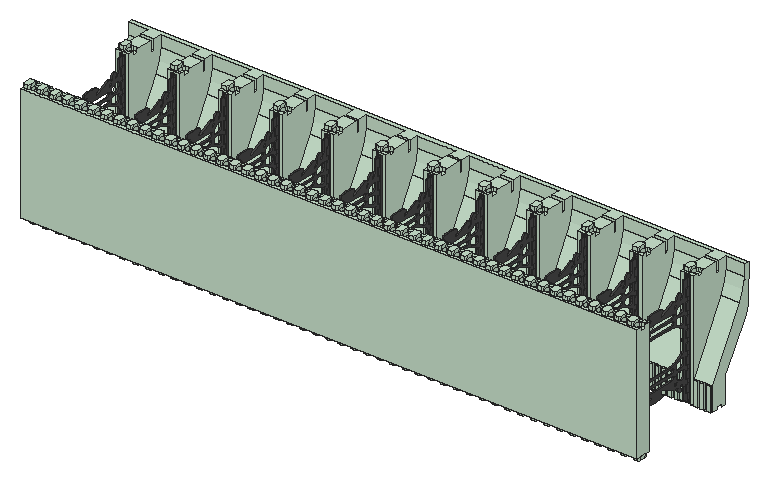
Revit family (continued)
Definition of nested family "NUDURA Diamond Pattern"
  Lines and regions (in)
    model lines
      curve 181: line (4.17062, -5.625, 0.19822) -> (4.54562, -5.625, 0.57322)
      curve 182: arc (3.81706, -5.625, 0.19822) -> (3.99384, -5.625, 0.125) -> (4.17062, -5.625, 0.19822) r 0.25
      curve 183: line (3.44206, -5.625, 0.57322) -> (3.81706, -5.625, 0.19822)
      curve 184: arc (3.44206, -5.625, 0.92678) -> (3.36884, -5.625, 0.75) -> (3.44206, -5.625, 0.57322) r 0.25
      curve 185: line (3.81706, -5.625, 1.30178) -> (3.44206, -5.625, 0.92678)
      curve 186: arc (4.29059, -5.625, 3.14142) -> (4.23201, -5.625, 3) -> (4.29059, -5.625, 2.85858) r 0.2
      curve 187: arc (4.29059, -5.625, 4.64142) -> (4.23201, -5.625, 4.5) -> (4.29059, -5.625, 4.35858) r 0.2
      curve 188: arc (4.29059, -5.625, 6.14142) -> (4.23201, -5.625, 6) -> (4.29059, -5.625, 5.85858) r 0.2
      curve 189: arc (4.29059, -5.625, 7.64142) -> (4.23201, -5.625, 7.5) -> (4.29059, -5.625, 7.35858) r 0.2
      curve 190: arc (4.29059, -5.625, 9.14142) -> (4.23201, -5.625, 9) -> (4.29059, -5.625, 8.85858) r 0.2
      curve 191: arc (4.29059, -5.625, 10.64142) -> (4.23201, -5.625, 10.5) -> (4.29059, -5.625, 10.35858) r 0.2
      curve 192: arc (4.29059, -5.625, 12.14142) -> (4.23201, -5.625, 12) -> (4.29059, -5.625, 11.85858) r 0.2
      curve 193: arc (4.29059, -5.625, 13.64142) -> (4.23201, -5.625, 13.5) -> (4.29059, -5.625, 13.35858) r 0.2
      curve 194: arc (4.29059, -5.625, 15.14142) -> (4.23201, -5.625, 15) -> (4.29059, -5.625, 14.85858) r 0.2
      curve 195: arc (4.29059, -5.625, 16.64142) -> (4.23201, -5.625, 16.5) -> (4.29059, -5.625, 16.35858) r 0.2
Definition of nested family "NUDURA Logo Diamond"
  Reference planes (in)
    plane 1 "Center (Front/Back)": y = 0
    plane 2: z = 0
    plane 3 "Center (Left/Right)": x = 0
  Lines and regions (in)
    model lines
      curve 1: line (12.59848, 0, 17.50104) -> (12.24492, 0, 17.85459)
      curve 2: line (12.36113, 0, 16.76872) -> (12.59848, 0, 17.00607)
      curve 3: line (12.59848, 0, 16.00104) -> (12.36113, 0, 16.23839)
      curve 4: line (12.36113, 0, 15.26872) -> (12.59848, 0, 15.50607)
      curve 5: line (12.59848, 0, 14.50104) -> (12.36113, 0, 14.73839)
      curve 6: line (12.36113, 0, 13.76872) -> (12.59848, 0, 14.00607)
      curve 7: line (12.17421, 0, 13.28388) -> (12.71208, 0, 12.74602)
      curve 8: line (12.71208, 0, 12.74602) -> (12.78279, 0, 12.81673)
      curve 9: line (11.28279, 0, 12.74602) -> (11.82066, 0, 13.28388)
      curve 10: line (11.63374, 0, 13.23839) -> (11.21208, 0, 12.81673)
      curve 11: line (11.3964, 0, 14.00607) -> (11.63374, 0, 13.76872)
      curve 12: line (11.63374, 0, 14.73839) -> (11.3964, 0, 14.50104)
      curve 13: line (11.3964, 0, 15.50607) -> (11.63374, 0, 15.26872)
      curve 14: line (11.63374, 0, 16.23839) -> (11.3964, 0, 16.00104)
      curve 15: line (11.3964, 0, 17.00607) -> (11.63374, 0, 16.76872)
      curve 16: line (11.74995, 0, 17.85459) -> (11.3964, 0, 17.50104)
      curve 17: line (11.82066, 0, 17.78388) -> (11.46711, 0, 17.43033)
      curve 18: line (12.52777, 0, 17.43033) -> (12.17421, 0, 17.78388)
      curve 19: line (12.17421, 0, 16.72322) -> (12.52777, 0, 17.07678)
      curve 20: line (11.46711, 0, 17.07678) -> (11.82066, 0, 16.72322)
      curve 21: arc (11.3964, 0, 17.50104) -> (11.29388, 0, 17.25355) -> (11.3964, 0, 17.00607) r 0.35
      curve 22: arc (11.74995, 0, 17.85459) -> (11.99744, 0, 17.95711) -> (12.24492, 0, 17.85459) r 0.35
      curve 23: arc (11.46711, 0, 17.43033) -> (11.39388, 0, 17.25355) -> (11.46711, 0, 17.07678) r 0.25
      curve 24: arc (12.52777, 0, 17.43033) -> (12.60099, 0, 17.25355) -> (12.52777, 0, 17.07678) r 0.25
      curve 25: arc (12.17421, 0, 16.72322) -> (11.99744, 0, 16.65) -> (11.82066, 0, 16.72322) r 0.25
      curve 26: arc (11.82066, 0, 17.78388) -> (11.99744, 0, 17.85711) -> (12.17421, 0, 17.78388) r 0.25
      curve 27: arc (12.59848, 0, 17.50104) -> (12.70099, 0, 17.25355) -> (12.59848, 0, 17.00607) r 0.35
      curve 28: arc (11.63374, 0, 16.76872) -> (11.74358, 0, 16.50355) -> (11.63374, 0, 16.23839) r 0.375
      curve 29: arc (12.36113, 0, 16.76872) -> (12.2513, 0, 16.50355) -> (12.36113, 0, 16.23839) r 0.375
      curve 30: line (12.36113, 0, 15.26872) -> (12.59848, 0, 15.50607)
      curve 31: line (11.3964, 0, 15.50607) -> (11.63374, 0, 15.26872)
      curve 32: line (11.82066, 0, 16.28388) -> (11.46711, 0, 15.93033)
      curve 33: line (12.52777, 0, 15.93033) -> (12.17421, 0, 16.28388)
      curve 34: line (12.17421, 0, 15.22322) -> (12.52777, 0, 15.57678)
      curve 35: line (11.46711, 0, 15.57678) -> (11.82066, 0, 15.22322)
      curve 36: arc (11.3964, 0, 16.00104) -> (11.29388, 0, 15.75355) -> (11.3964, 0, 15.50607) r 0.35
      curve 37: arc (11.46711, 0, 15.93033) -> (11.39388, 0, 15.75355) -> (11.46711, 0, 15.57678) r 0.25
      curve 38: arc (12.52777, 0, 15.93033) -> (12.60099, 0, 15.75355) -> (12.52777, 0, 15.57678) r 0.25
      curve 39: arc (12.17421, 0, 15.22322) -> (11.99744, 0, 15.15) -> (11.82066, 0, 15.22322) r 0.25
      curve 40: arc (11.82066, 0, 16.28388) -> (11.99744, 0, 16.35711) -> (12.17421, 0, 16.28388) r 0.25
      curve 41: arc (12.59848, 0, 16.00104) -> (12.70099, 0, 15.75355) -> (12.59848, 0, 15.50607) r 0.35
      curve 42: line (11.63374, 0, 16.23839) -> (11.3964, 0, 16.00104)
      curve 43: line (12.59848, 0, 16.00104) -> (12.36113, 0, 16.23839)
      curve 44: arc (11.63374, 0, 15.26872) -> (11.74358, 0, 15.00355) -> (11.63374, 0, 14.73839) r 0.375
      curve 45: arc (12.36113, 0, 15.26872) -> (12.2513, 0, 15.00355) -> (12.36113, 0, 14.73839) r 0.375
      curve 46: line (12.36113, 0, 13.76872) -> (12.59848, 0, 14.00607)
      curve 47: line (11.3964, 0, 14.00607) -> (11.63374, 0, 13.76872)
      curve 48: line (11.82066, 0, 14.78388) -> (11.46711, 0, 14.43033)
      curve 49: line (12.52777, 0, 14.43033) -> (12.17421, 0, 14.78388)
      curve 50: line (12.17421, 0, 13.72322) -> (12.52777, 0, 14.07678)
      curve 51: line (11.46711, 0, 14.07678) -> (11.82066, 0, 13.72322)
      curve 52: arc (11.3964, 0, 14.50104) -> (11.29388, 0, 14.25355) -> (11.3964, 0, 14.00607) r 0.35
      curve 53: arc (11.46711, 0, 14.43033) -> (11.39388, 0, 14.25355) -> (11.46711, 0, 14.07678) r 0.25
      curve 54: arc (12.52777, 0, 14.43033) -> (12.60099, 0, 14.25355) -> (12.52777, 0, 14.07678) r 0.25
      curve 55: arc (12.17421, 0, 13.72322) -> (11.99744, 0, 13.65) -> (11.82066, 0, 13.72322) r 0.25
      curve 56: arc (11.82066, 0, 14.78388) -> (11.99744, 0, 14.85711) -> (12.17421, 0, 14.78388) r 0.25
      curve 57: arc (12.59848, 0, 14.50104) -> (12.70099, 0, 14.25355) -> (12.59848, 0, 14.00607) r 0.35
      curve 58: line (11.63374, 0, 14.73839) -> (11.3964, 0, 14.50104)
      curve 59: arc (11.63374, 0, 13.76872) -> (11.74358, 0, 13.50355) -> (11.63374, 0, 13.23839) r 0.375
      curve 60: arc (12.36113, 0, 13.76872) -> (12.2513, 0, 13.50355) -> (12.36113, 0, 13.23839) r 0.375
      curve 61: line (12.78279, 0, 12.81673) -> (12.36113, 0, 13.23839)
      curve 62: line (11.21208, 0, 12.81673) -> (11.28279, 0, 12.74602)
      curve 63: arc (11.82066, 0, 13.28388) -> (11.99744, 0, 13.35711) -> (12.17421, 0, 13.28388) r 0.25
      curve 64: line (12.59848, 0, 0.50607) -> (12.24492, 0, 0.15251)
      curve 65: line (12.36113, 0, 1.23839) -> (12.59848, 0, 1.00104)
      curve 66: line (12.59848, 0, 2.00607) -> (12.36113, 0, 1.76872)
      curve 67: line (12.36113, 0, 2.73839) -> (12.59848, 0, 2.50104)
      curve 68: line (12.59848, 0, 3.50607) -> (12.36113, 0, 3.26872)
      curve 69: line (12.36113, 0, 4.23839) -> (12.59848, 0, 4.00104)
      curve 70: line (12.17421, 0, 4.72322) -> (12.71208, 0, 5.26109)
      curve 71: line (12.71208, 0, 5.26109) -> (12.78279, 0, 5.19038)
      curve 72: line (11.28279, 0, 5.26109) -> (11.82066, 0, 4.72322)
      curve 73: line (11.63374, 0, 4.76872) -> (11.21208, 0, 5.19038)
      curve 74: line (11.3964, 0, 4.00104) -> (11.63374, 0, 4.23839)
      curve 75: line (11.63374, 0, 3.26872) -> (11.3964, 0, 3.50607)
      curve 76: line (11.3964, 0, 2.50104) -> (11.63374, 0, 2.73839)
      curve 77: line (11.63374, 0, 1.76872) -> (11.3964, 0, 2.00607)
      curve 78: line (11.3964, 0, 1.00104) -> (11.63374, 0, 1.23839)
      curve 79: line (11.74995, 0, 0.15251) -> (11.3964, 0, 0.50607)
      curve 80: line (11.82066, 0, 0.22322) -> (11.46711, 0, 0.57678)
      curve 81: line (12.52777, 0, 0.57678) -> (12.17421, 0, 0.22322)
      curve 82: line (12.17421, 0, 1.28388) -> (12.52777, 0, 0.93033)
      curve 83: line (11.46711, 0, 0.93033) -> (11.82066, 0, 1.28388)
      curve 84: arc (11.3964, 0, 0.50607) -> (11.29388, 0, 0.75355) -> (11.3964, 0, 1.00104) r 0.35
      curve 85: arc (11.74995, 0, 0.15251) -> (11.99744, 0, 0.05) -> (12.24492, 0, 0.15251) r 0.35
      curve 86: arc (11.46711, 0, 0.57678) -> (11.39388, 0, 0.75355) -> (11.46711, 0, 0.93033) r 0.25
      curve 87: arc (12.52777, 0, 0.57678) -> (12.60099, 0, 0.75355) -> (12.52777, 0, 0.93033) r 0.25
      curve 88: arc (12.17421, 0, 1.28388) -> (11.99744, 0, 1.35711) -> (11.82066, 0, 1.28388) r 0.25
      curve 89: arc (11.82066, 0, 0.22322) -> (11.99744, 0, 0.15) -> (12.17421, 0, 0.22322) r 0.25
      curve 90: arc (12.59848, 0, 0.50607) -> (12.70099, 0, 0.75355) -> (12.59848, 0, 1.00104) r 0.35
      curve 91: arc (11.63374, 0, 1.23839) -> (11.74358, 0, 1.50355) -> (11.63374, 0, 1.76872) r 0.375
      curve 92: arc (12.36113, 0, 1.23839) -> (12.2513, 0, 1.50355) -> (12.36113, 0, 1.76872) r 0.375
      curve 93: line (12.36113, 0, 2.73839) -> (12.59848, 0, 2.50104)
      curve 94: line (11.3964, 0, 2.50104) -> (11.63374, 0, 2.73839)
      curve 95: line (11.82066, 0, 1.72322) -> (11.46711, 0, 2.07678)
      curve 96: line (12.52777, 0, 2.07678) -> (12.17421, 0, 1.72322)
      curve 97: line (12.17421, 0, 2.78388) -> (12.52777, 0, 2.43033)
      curve 98: line (11.46711, 0, 2.43033) -> (11.82066, 0, 2.78388)
      curve 99: arc (11.3964, 0, 2.00607) -> (11.29388, 0, 2.25355) -> (11.3964, 0, 2.50104) r 0.35
      curve 100: arc (11.46711, 0, 2.07678) -> (11.39388, 0, 2.25355) -> (11.46711, 0, 2.43033) r 0.25
      curve 101: arc (12.52777, 0, 2.07678) -> (12.60099, 0, 2.25355) -> (12.52777, 0, 2.43033) r 0.25
      curve 102: arc (12.17421, 0, 2.78388) -> (11.99744, 0, 2.85711) -> (11.82066, 0, 2.78388) r 0.25
      curve 103: arc (11.82066, 0, 1.72322) -> (11.99744, 0, 1.65) -> (12.17421, 0, 1.72322) r 0.25
      curve 104: arc (12.59848, 0, 2.00607) -> (12.70099, 0, 2.25355) -> (12.59848, 0, 2.50104) r 0.35
      curve 105: line (11.63374, 0, 1.76872) -> (11.3964, 0, 2.00607)
      curve 106: line (12.59848, 0, 2.00607) -> (12.36113, 0, 1.76872)
      curve 107: arc (11.63374, 0, 2.73839) -> (11.74358, 0, 3.00355) -> (11.63374, 0, 3.26872) r 0.375
      curve 108: arc (12.36113, 0, 2.73839) -> (12.2513, 0, 3.00355) -> (12.36113, 0, 3.26872) r 0.375
      curve 109: line (12.36113, 0, 4.23839) -> (12.59848, 0, 4.00104)
      curve 110: line (11.3964, 0, 4.00104) -> (11.63374, 0, 4.23839)
      curve 111: line (11.82066, 0, 3.22322) -> (11.46711, 0, 3.57678)
      curve 112: line (12.52777, 0, 3.57678) -> (12.17421, 0, 3.22322)
      curve 113: line (12.17421, 0, 4.28388) -> (12.52777, 0, 3.93033)
      curve 114: line (11.46711, 0, 3.93033) -> (11.82066, 0, 4.28388)
      curve 115: arc (11.3964, 0, 3.50607) -> (11.29388, 0, 3.75355) -> (11.3964, 0, 4.00104) r 0.35
      curve 116: arc (11.46711, 0, 3.57678) -> (11.39388, 0, 3.75355) -> (11.46711, 0, 3.93033) r 0.25
      curve 117: arc (12.52777, 0, 3.57678) -> (12.60099, 0, 3.75355) -> (12.52777, 0, 3.93033) r 0.25
      curve 118: arc (12.17421, 0, 4.28388) -> (11.99744, 0, 4.35711) -> (11.82066, 0, 4.28388) r 0.25
      curve 119: arc (11.82066, 0, 3.22322) -> (11.99744, 0, 3.15) -> (12.17421, 0, 3.22322) r 0.25
      curve 120: arc (12.59848, 0, 3.50607) -> (12.70099, 0, 3.75355) -> (12.59848, 0, 4.00104) r 0.35
      curve 121: line (11.63374, 0, 3.26872) -> (11.3964, 0, 3.50607)
      curve 122: arc (11.63374, 0, 4.23839) -> (11.74358, 0, 4.50355) -> (11.63374, 0, 4.76872) r 0.375
      curve 123: arc (12.36113, 0, 4.23839) -> (12.2513, 0, 4.50355) -> (12.36113, 0, 4.76872) r 0.375
      curve 124: line (12.78279, 0, 5.19038) -> (12.36113, 0, 4.76872)
      curve 125: line (11.21208, 0, 5.19038) -> (11.28279, 0, 5.26109)
      curve 126: arc (11.82066, 0, 4.72322) -> (11.99744, 0, 4.65) -> (12.17421, 0, 4.72322) r 0.25
      curve 127: line (12.37244, 0, 12.50355) -> (11.62244, 0, 12.50355)
      curve 128: line (12.74744, 0, 5.87855) -> (12.74744, 0, 12.12855)
      curve 129: line (11.24744, 0, 12.12855) -> (11.24744, 0, 5.87855)
      curve 130: line (11.62244, 0, 5.50355) -> (12.37244, 0, 5.50355)
      curve 131: line (12.47232, 0, 12.00355) -> (12.0393, 0, 12.25355)
      curve 132: line (12.47232, 0, 11.50355) -> (12.47232, 0, 12.00355)
      curve 133: line (12.25581, 0, 11.37855) -> (12.47232, 0, 11.50355)
      curve 134: line (12.02256, 0, 11.51322) -> (12.25581, 0, 11.37855)
      curve 135: line (12.22232, 0, 11.62855) -> (12.02256, 0, 11.51322)
      curve 136: line (11.80605, 0, 12.11888) -> (12.22232, 0, 11.87855)
      curve 137: line (12.22232, 0, 11.87855) -> (12.22232, 0, 11.62855)
      curve 138: line (12.0393, 0, 12.25355) -> (11.80605, 0, 12.11888)
      curve 139: line (11.77256, 0, 11.63822) -> (11.97232, 0, 11.75355)
      curve 140: line (11.97232, 0, 11.75355) -> (11.73906, 0, 11.88822)
      curve 141: line (11.73906, 0, 11.88822) -> (11.52256, 0, 11.76322)
      curve 142: line (11.52256, 0, 11.76322) -> (11.52256, 0, 11.26322)
      curve 143: line (11.77256, 0, 11.38822) -> (11.77256, 0, 11.63822)
      curve 144: line (12.18882, 0, 11.14789) -> (11.77256, 0, 11.38822)
      curve 145: line (11.95557, 0, 11.01322) -> (12.18882, 0, 11.14789)
      curve 146: line (11.52256, 0, 11.26322) -> (11.95557, 0, 11.01322)
      curve 147: line (12.31108, 0, 10.60411) -> (11.68379, 0, 10.74458)
      curve 148: line (11.68379, 0, 10.74458) -> (11.68379, 0, 10.51321)
      curve 149: line (11.68379, 0, 10.51321) -> (12.1295, 0, 10.41405)
      curve 150: line (12.1295, 0, 10.41405) -> (11.68379, 0, 10.27358)
      curve 151: line (11.68379, 0, 10.27358) -> (11.68379, 0, 9.8852)
      curve 152: line (11.68379, 0, 9.8852) -> (12.17077, 0, 9.77615)
      curve 153: line (12.17077, 0, 9.77615) -> (12.17077, 0, 9.74472)
      curve 154: line (12.17077, 0, 9.74472) -> (11.86146, 0, 9.80279)
      curve 155: line (11.68379, 0, 9.65536) -> (11.68379, 0, 9.35864)
      curve 156: line (12.07077, 0, 8.74385) -> (12.07077, 0, 8.99996)
      curve 157: line (12.07077, 0, 8.99996) -> (11.68379, 0, 9.08605)
      curve 158: line (11.68379, 0, 9.08605) -> (11.68379, 0, 8.47809)
      curve 159: line (11.91823, 0, 9.06589) -> (12.31108, 0, 8.97792)
      curve 160: line (11.82444, 0, 8.55476) -> (11.82444, 0, 8.79865)
      curve 161: line (11.82444, 0, 8.79865) -> (12.07077, 0, 8.74385)
      curve 162: line (11.68379, 0, 8.07193) -> (11.68379, 0, 7.77522)
      curve 163: line (11.91823, 0, 7.48247) -> (12.21108, 0, 7.41688)
      curve 164: line (12.21108, 0, 7.41688) -> (12.21108, 0, 6.95405)
      curve 165: line (12.16108, 0, 6.90405) -> (12.12077, 0, 6.90405)
      curve 166: line (12.07077, 0, 6.95405) -> (12.07077, 0, 7.08675)
      curve 167: line (12.07077, 0, 7.08675) -> (12.12077, 0, 7.07556)
      curve 168: line (12.12077, 0, 7.07556) -> (12.12077, 0, 7.33463)
      curve 169: line (12.12077, 0, 7.33463) -> (11.68379, 0, 7.43249)
      curve 170: line (11.68379, 0, 7.43249) -> (11.68379, 0, 7.17341)
      curve 171: line (11.68379, 0, 7.17341) -> (11.97077, 0, 7.10915)
      curve 172: line (11.97077, 0, 7.10915) -> (11.97077, 0, 6.99425)
      curve 173: line (11.92077, 0, 6.94425) -> (11.68379, 0, 6.94425)
      curve 174: line (11.68379, 0, 6.94425) -> (11.68379, 0, 6.45682)
      curve 175: line (11.68379, 0, 6.45682) -> (11.78284, 0, 6.38658)
      curve 176: line (11.78284, 0, 6.38658) -> (11.78284, 0, 6.05178)
      curve 177: line (12.12371, 0, 6.14486) -> (11.88284, 0, 6.31567)
      curve 178: line (11.88284, 0, 6.31567) -> (11.88284, 0, 6.07909)
      curve 179: line (11.88284, 0, 6.07909) -> (12.12371, 0, 6.14486)
      curve 180: line (11.78284, 0, 6.05178) -> (11.68379, 0, 6.02474)
      curve 181: line (11.68379, 0, 6.02474) -> (11.68379, 0, 5.75355)
      curve 182: line (11.68379, 0, 5.75355) -> (12.31108, 0, 5.92483)
      curve 183: line (12.31108, 0, 5.92483) -> (12.31108, 0, 6.28791)
      curve 184: line (12.31108, 0, 6.28791) -> (11.76249, 0, 6.67694)
      curve 185: line (11.76249, 0, 6.67694) -> (11.90321, 0, 6.67694)
      curve 186: line (12.31108, 0, 6.78674) -> (12.31108, 0, 7.63562)
      curve 187: line (12.31108, 0, 7.63562) -> (11.90258, 0, 7.7271)
      curve 188: line (11.82444, 0, 7.82469) -> (11.82444, 0, 7.92839)
      curve 189: line (11.88536, 0, 7.97718) -> (12.31108, 0, 7.88185)
      curve 190: line (12.31108, 0, 7.88185) -> (12.31108, 0, 8.13496)
      curve 191: line (12.31108, 0, 8.13496) -> (12.08042, 0, 8.17826)
      curve 192: line (12.31108, 0, 8.38353) -> (12.31108, 0, 8.9465)
      curve 193: line (12.31108, 0, 8.9465) -> (12.17077, 0, 8.97771)
      curve 194: line (12.17077, 0, 8.97771) -> (12.17077, 0, 8.55476)
      curve 195: line (12.31108, 0, 8.97792) -> (12.31108, 0, 9.21905)
      curve 196: line (12.31108, 0, 9.21905) -> (11.90258, 0, 9.31053)
      curve 197: line (11.82444, 0, 9.40811) -> (11.82444, 0, 9.51182)
      curve 198: line (11.87938, 0, 9.56195) -> (12.31108, 0, 9.46528)
      curve 199: line (12.31108, 0, 9.46528) -> (12.31108, 0, 9.98469)
      curve 200: line (12.31108, 0, 9.98469) -> (11.90664, 0, 10.07526)
      curve 201: line (11.90664, 0, 10.07526) -> (12.31108, 0, 10.20747)
      curve 202: line (12.31108, 0, 10.20747) -> (12.31108, 0, 10.60411)
      curve 203: arc (11.68379, 0, 9.65536) -> (11.73801, 0, 9.7708) -> (11.86146, 0, 9.80279) r 0.15
      curve 204: arc (11.68379, 0, 9.35864) -> (11.74962, 0, 9.17112) -> (11.91823, 0, 9.06589) r 0.3
      curve 205: arc (11.84417, 0, 8.22149) -> (11.72718, 0, 8.32679) -> (11.68379, 0, 8.47809) r 0.28547
      curve 206: arc (11.68379, 0, 8.07193) -> (11.73147, 0, 8.18158) -> (11.84417, 0, 8.22149) r 0.14992
      curve 207: arc (11.68379, 0, 7.77522) -> (11.74962, 0, 7.58769) -> (11.91823, 0, 7.48247) r 0.3
      curve 208: arc (11.82444, 0, 7.82469) -> (11.84638, 0, 7.76218) -> (11.90258, 0, 7.7271) r 0.1
      curve 209: arc (11.82444, 0, 7.92839) -> (11.84318, 0, 7.96742) -> (11.88536, 0, 7.97718) r 0.05
      curve 210: arc (12.12077, 0, 6.90405) -> (12.08541, 0, 6.91869) -> (12.07077, 0, 6.95405) r 0.05
      curve 211: arc (12.16108, 0, 6.90405) -> (12.19644, 0, 6.91869) -> (12.21108, 0, 6.95405) r 0.05
      curve 212: arc (11.97077, 0, 6.99425) -> (11.95612, 0, 6.95889) -> (11.92077, 0, 6.94425) r 0.05
      curve 213: arc (11.90321, 0, 6.67694) -> (11.96756, 0, 6.70069) -> (12.00104, 0, 6.76055) r 0.09904
      curve 214: arc (12.00104, 0, 6.76055) -> (12.1681, 0, 6.63117) -> (12.31108, 0, 6.78674) r 0.15613
      curve 215: arc (12.08042, 0, 8.17826) -> (12.24181, 0, 8.22914) -> (12.31108, 0, 8.38353) r 0.20667
      curve 216: arc (11.82444, 0, 8.55476) -> (11.9976, 0, 8.3816) -> (12.17077, 0, 8.55476) r 0.17317
      curve 217: arc (11.82444, 0, 9.40811) -> (11.84638, 0, 9.34561) -> (11.90258, 0, 9.31053) r 0.1
      curve 218: arc (11.82444, 0, 9.51182) -> (11.8459, 0, 9.55306) -> (11.892, 0, 9.55913) r 0.05034
      curve 219: arc (11.24744, 0, 12.12855) -> (11.35727, 0, 12.39372) -> (11.62244, 0, 12.50355) r 0.375
      curve 220: arc (12.37244, 0, 12.50355) -> (12.6376, 0, 12.39372) -> (12.74744, 0, 12.12855) r 0.375
      curve 221: arc (11.24744, 0, 5.87855) -> (11.35727, 0, 5.61339) -> (11.62244, 0, 5.50355) r 0.375
      curve 222: arc (12.37244, 0, 5.50355) -> (12.6376, 0, 5.61339) -> (12.74744, 0, 5.87855) r 0.375
      curve 223: line (9.99744, 0, 18) -> (9.99744, 0, 0)
      curve 224: line (13.99744, 0, 18) -> (13.99744, 0, 0)
      curve 225: line (15.99744, 0, 18) -> (15.99744, 0, 0)
Definition of nested family "NUDURA Brick Ledge Diamond Pattern"
  Reference planes (in)
    plane 1 "Center (Front/Back)": y = 0
    plane 2: z = 0
    plane 3 "Center (Left/Right)": x = 0
    plane 4: z = 4
  Lines and regions (in)
    model lines
      curve 1: line (8, -5.625, 4) -> (8, -5.625, 0)
      curve 2: line (6, -5.625, 4) -> (6, -5.625, 0)
      curve 3: line (2, -5.625, 4) -> (2, -5.625, 0)
      curve 4: arc (4.634, -5.625, 3.48484) -> (4.74384, -5.625, 3.75) -> (4.634, -5.625, 4.01517) r 0.375
      curve 5: line (4.29059, -5.625, 3.14142) -> (4.634, -5.625, 3.48484)
      curve 6: line (3.35367, -5.625, 3.48484) -> (3.69709, -5.625, 3.14142)
      curve 7: arc (3.35367, -5.625, 4.01517) -> (3.24384, -5.625, 3.75) -> (3.35367, -5.625, 3.48484) r 0.375
      curve 8: arc (4.17062, -5.625, 4.30178) -> (3.99384, -5.625, 4.375) -> (3.81706, -5.625, 4.30178) r 0.25
      curve 9: line (3.81706, -5.625, 4.30178) -> (3.44206, -5.625, 3.92678)
      curve 10: arc (3.44206, -5.625, 3.92678) -> (3.36884, -5.625, 3.75) -> (3.44206, -5.625, 3.57322) r 0.25
      curve 11: line (3.44206, -5.625, 3.57322) -> (3.81706, -5.625, 3.19822)
      curve 12: arc (3.81706, -5.625, 3.19822) -> (3.99384, -5.625, 3.125) -> (4.17062, -5.625, 3.19822) r 0.25
      curve 13: line (4.17062, -5.625, 3.19822) -> (4.54562, -5.625, 3.57322)
      curve 14: arc (4.54562, -5.625, 3.57322) -> (4.61884, -5.625, 3.75) -> (4.54562, -5.625, 3.92678) r 0.25
      curve 15: line (4.54562, -5.625, 3.92678) -> (4.17062, -5.625, 4.30178)
      curve 16: arc (3.69709, -5.625, 2.85858) -> (3.75567, -5.625, 3) -> (3.69709, -5.625, 3.14142) r 0.2
      curve 17: line (4.634, -5.625, 2.51517) -> (4.29059, -5.625, 2.85858)
      curve 18: arc (4.634, -5.625, 1.98484) -> (4.74384, -5.625, 2.25) -> (4.634, -5.625, 2.51517) r 0.375
      curve 19: line (4.29059, -5.625, 1.64142) -> (4.634, -5.625, 1.98484)
      curve 20: line (3.35367, -5.625, 1.98484) -> (3.69709, -5.625, 1.64142)
      curve 21: arc (3.35367, -5.625, 2.51517) -> (3.24384, -5.625, 2.25) -> (3.35367, -5.625, 1.98484) r 0.375
      curve 22: line (3.69709, -5.625, 2.85858) -> (3.35367, -5.625, 2.51517)
      curve 23: arc (4.17062, -5.625, 2.80178) -> (3.99384, -5.625, 2.875) -> (3.81706, -5.625, 2.80178) r 0.25
      curve 24: line (3.81706, -5.625, 2.80178) -> (3.44206, -5.625, 2.42678)
      curve 25: arc (3.44206, -5.625, 2.42678) -> (3.36884, -5.625, 2.25) -> (3.44206, -5.625, 2.07322) r 0.25
      curve 26: line (3.44206, -5.625, 2.07322) -> (3.81706, -5.625, 1.69822)
      curve 27: arc (3.81706, -5.625, 1.69822) -> (3.99384, -5.625, 1.625) -> (4.17062, -5.625, 1.69822) r 0.25
      curve 28: line (4.17062, -5.625, 1.69822) -> (4.54562, -5.625, 2.07322)
      curve 29: arc (4.54562, -5.625, 2.07322) -> (4.61884, -5.625, 2.25) -> (4.54562, -5.625, 2.42678) r 0.25
      curve 30: line (4.54562, -5.625, 2.42678) -> (4.17062, -5.625, 2.80178)
      curve 31: arc (3.69709, -5.625, 1.35858) -> (3.75567, -5.625, 1.5) -> (3.69709, -5.625, 1.64142) r 0.2
      curve 32: line (3.69709, -5.625, 1.35858) -> (3.35367, -5.625, 1.01517)
      curve 33: arc (3.35367, -5.625, 1.01517) -> (3.24384, -5.625, 0.75) -> (3.35367, -5.625, 0.48484) r 0.375
      curve 34: line (3.35367, -5.625, 0.48484) -> (3.72867, -5.625, 0.10984)
      curve 35: arc (3.72867, -5.625, 0.10984) -> (3.99384, -5.625, 0) -> (4.259, -5.625, 0.10984) r 0.375
      curve 36: line (4.259, -5.625, 0.10984) -> (4.634, -5.625, 0.48484)
      curve 37: arc (4.634, -5.625, 0.48484) -> (4.74384, -5.625, 0.75) -> (4.634, -5.625, 1.01517) r 0.375
      curve 38: line (4.634, -5.625, 1.01517) -> (4.29059, -5.625, 1.35858)
      curve 39: arc (4.29059, -5.625, 1.64142) -> (4.23201, -5.625, 1.5) -> (4.29059, -5.625, 1.35858) r 0.2
      curve 40: arc (4.17062, -5.625, 1.30178) -> (3.99384, -5.625, 1.375) -> (3.81706, -5.625, 1.30178) r 0.25
      curve 41: line (4.54562, -5.625, 0.92678) -> (4.17062, -5.625, 1.30178)
      curve 42: arc (4.54562, -5.625, 0.57322) -> (4.61884, -5.625, 0.75) -> (4.54562, -5.625, 0.92678) r 0.25
      curve 43: line (4.17062, -5.625, 0.19822) -> (4.54562, -5.625, 0.57322)
      curve 44: arc (3.81706, -5.625, 0.19822) -> (3.99384, -5.625, 0.125) -> (4.17062, -5.625, 0.19822) r 0.25
      curve 45: line (3.44206, -5.625, 0.57322) -> (3.81706, -5.625, 0.19822)
      curve 46: arc (3.44206, -5.625, 0.92678) -> (3.36884, -5.625, 0.75) -> (3.44206, -5.625, 0.57322) r 0.25
      curve 47: line (3.81706, -5.625, 1.30178) -> (3.44206, -5.625, 0.92678)
      curve 48: arc (4.29059, -5.625, 3.14142) -> (4.23201, -5.625, 3) -> (4.29059, -5.625, 2.85858) r 0.2
      curve 49: line (3.72867, -5.625, 4.39017) -> (3.35367, -5.625, 4.01517)
      curve 50: arc (4.259, -5.625, 4.39017) -> (3.99384, -5.625, 4.5) -> (3.72867, -5.625, 4.39017) r 0.375
      curve 51: line (4.634, -5.625, 4.01517) -> (4.259, -5.625, 4.39017)
